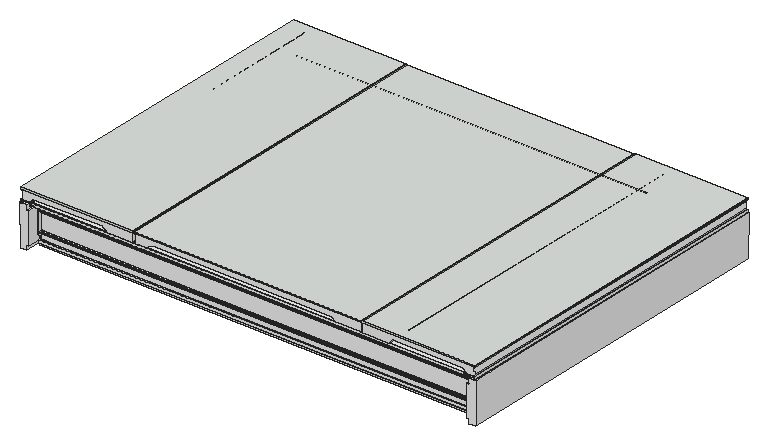
Revit family "Furniture-Medicine_Cabinet-KOHLER-Verdera-K-99011", category Specialty Equipment, host Face, Revit 2015
Parameters (values of type "Adjustable Flip-Out Flat Mirror, NA-Anodized Aluminum")
  Width = 40"  # constant formula
  WaterSense Certified = 1 = 0  # no
  URL = "https://www.us.kohler.com/us/"
  Type = 2
  Surface Panels [instance] = not(Recess Mount)  # yes
  Surface Mount [instance] = not(Recess Mount)  # yes
  Recess Mount [instance] = no
  Product Page URL = "http://www.us.kohler.com/us/catalog/productDetails.jsp?productNumber=99011-SCF"
  Product Name = "Verdera"  # constant formula
  Product Documentation Link = "https://www.us.kohler.com/webassets/kpna/catalog/pdf/en/K-99011-SCF_spec.pdf"
  Mounting Depth [instance] = if(Recess Mount, 3 9/16", 0")  # 0"
  Model = if(Type = 1, "K-99011-NA", if(Type = 2, "K-99011-SCF-NA", "NA"))  # "K-99011-SCF-NA"
  Material = "Anodized Aluminum"  # constant formula
  MasterFormat 2004 = "10.28.13"  # constant formula
  MasterFormat 1995 = "10820"  # constant formula
  Manufacturer Address = "444 Highland Dr, Kohler, WI 53044"  # constant formula
  Manufacturer = "KOHLER Co."  # constant formula
  Length = 4 3/4"  # constant formula
  Height = 30"  # constant formula
  Finish = Kohler-Metal-NA-Anodized_Aluminum
  Environmental Product Declaration = ""
  Description = if(Type = 1, "40 Inch W x 30 Inch H Aluminum medicine cabinet with adjustable magnifying mirror and slow-close door", if(Type = 2, "Aluminum medicine cabinet with adjustable flip-out flat mirror, 40 Inch W x 30 Inch H", "NA"))  # "Aluminum medicine cabinet with adjustable flip-out flat mirror, 40 Inch W x 30 Inch H"
  Default Elevation = 60"
  Declare Label = ""
  Date Modified = "03/05/2019"  # constant formula
  Date Created = "03/05/2019"  # constant formula
  Cutout Width [instance] = if(Recess Mount, 38 1/2", 1")  # 1"
  Cutout Height [instance] = if(Recess Mount, 28 1/4", 1")  # 1"
  Cutout Depth [instance] = if(Recess Mount, 3 11/16", 1")  # 1"
  Copyright = "Copyright KOHLER Co."  # constant formula
  Contact Us = "https://www.us.kohler.com/us/static/contact.jsp"
  Assembly Code = "C1030200"
  ADA Compliant = 1 = 0  # no
Types (3): name | Type | Product Page URL | Product Documentation Link | Model | Description
  (no name) | 2 | "http://www.us.kohler.com/us/catalog/productDetails.jsp?productNumber=99011-SCF" | "https://www.us.kohler.com/webassets/kpna/catalog/pdf/en/K-99011-SCF_spec.pdf" | "K-99011-SCF-NA" | "Aluminum medicine cabinet with adjustable flip-out flat mirror, 40 Inch W x 30 Inch H"
  Adjustable Magnifying Mirror, NA-Anodized Aluminum | 1 | "http://www.us.kohler.com/us/catalog/productDetails.jsp?productNumber=99011" | "https://www.us.kohler.com/webassets/kpna/catalog/pdf/en/K-99011_spec.pdf" | "K-99011-NA" | "40 Inch W x 30 Inch H Aluminum medicine cabinet with adjustable magnifying mirror and slow-close door"
  Adjustable Flip-Out Flat Mirror, NA-Anodized Aluminum | 2 | "http://www.us.kohler.com/us/catalog/productDetails.jsp?productNumber=99011-SCF" | "https://www.us.kohler.com/webassets/kpna/catalog/pdf/en/K-99011-SCF_spec.pdf" | "K-99011-SCF-NA" | "Aluminum medicine cabinet with adjustable flip-out flat mirror, 40 Inch W x 30 Inch H"
Reference planes (in)
  plane 1 "Center (Front/Back)": y = 0
  plane 2: z = 0
  plane 3 "Center (Left/Right)": x = 0
  plane 4: x = -20
  plane 5: y = 15
  plane 6: x = 20
  plane 7: y = -15
  plane 8: x = -0.5
  plane 9: x = 0.5
  plane 10: y = 0.5
  plane 11: y = -0.5
  plane 12: z = 4.75
  plane 13: z = 0
  plane 14: z = -1
  plane 15: x = -19.5655
  plane 16: x = 19.5655
  plane 17: z = 3.5625
  plane 18: x = -19.1875
  plane 19: x = 19.1875
Forms (in)
  Extrusion 1, void
    sketch origin (0, 0, 0) x (1, 0, 0) y (0, 1, 0)
      loop
        line (-0.5, 0.5) -> (-0.5, -0.5) -> (0.5, -0.5) -> (0.5, 0.5) -> (-0.5, 0.5)
    from -3.5625 to 0
Dimensions and locks (in)
  "Width": plane 4 to plane 6
  "Height": plane 7 to plane 5
  equal spacing: plane 8, plane 3 "Center (Left/Right)", plane 9
  "Cutout Width": plane 8 to plane 9
  equal spacing: plane 10, plane 1 "Center (Front/Back)", plane 11
  "Cutout Height": plane 10 to plane 11
  "Mounting Depth": plane 2 to plane 13
  "Cutout Depth": plane 2 to plane 14
  "Length": plane 13 to plane 12
  plane 12 to level = 4 3/4"
  locked: plane 17 to plane 13 at 3.5625
  plane 18 to plane 19 = 38 3/8"
  aligned and locked: plane 2 to host face
  aligned and locked: level to host face
  aligned and locked: nested 1 to plane 13
Automatic sketch dimensions
  host sketch curve to host sketch curve = 96"  (x2)
  Extrusion 1 sketch curve to plane 8 = 0"
  Extrusion 1 sketch curve to plane 9 = 0"
  plane 11 to Extrusion 1 sketch curve = 0"
  Extrusion 1 sketch curve to plane 10 = 0"
Nested families (in)
  nested 1: "K-99011" at (0, 0, 0), type "K-99011"
Definition of nested family "K-99011"
  Parameters (values of type "K-99011")
    Surface Installation = yes
    Recessed Installation = yes
    Material = none
  Reference planes (in)
    plane 1 "Center (Front/Back)": y = 0
    plane 2: z = 0
    plane 3 "Center (Left/Right)": x = 0
    plane 4: x = -20
    plane 5: y = 15
    plane 6: x = 20
    plane 7: y = -15
    plane 8: x = -10
    plane 9: x = 10
    plane 10: x = -19.1875
    plane 11: x = 19.1875
    plane 12: y = 14.0625
    plane 13: y = -14.0625
    plane 14: y = 8.5625
    plane 15: z = 4.75
    plane 16: z = 3.5625
    plane 17: z = 0
    plane 18: x = 19.25
    plane 19: x = -19.25
    plane 20: x = 19.25
  Forms (in)
    Extrusion 1, solid, detail levels medium+fine
      sketch origin (0, 0, 0) x (1, 0, 0) y (0, 0, 1)
        loop
          line (-10.11033, 4.75) -> (-19.97805, 4.75) -> (-20, 4.72805) -> (-20, 4.65195) -> (-19.97805, 4.63) -> (-10.11033, 4.63) -> (-10.08837, 4.65195) -> (-10.08837, 4.72805) -> (-10.11033, 4.75)
        loop
          line (9.9583, 4.75) -> (-9.99779, 4.75) -> (-10.01975, 4.72805) -> (-10.01975, 4.65195) -> (-9.99779, 4.63) -> (9.9583, 4.63) -> (9.98025, 4.65195) -> (9.98025, 4.72805) -> (9.9583, 4.75)
        loop
          line (19.97805, 4.75) -> (10.08612, 4.75) -> (10.06416, 4.72805) -> (10.06416, 4.65195) -> (10.08612, 4.63) -> (19.97805, 4.63) -> (20, 4.65195) -> (20, 4.72805) -> (19.97805, 4.75)
      from -15 to 15
    Extrusion 2, solid, material <- "Material", detail levels medium+fine
      sketch origin (0, 0, 0) x (1, 0, 0) y (0, 0, 1)
        loop
          arc (-19.88824, 4.63) -> (-19.9341, 4.59038) -> (-19.90156, 4.53925) r 0.04635
          line (-19.90156, 4.53925) -> (-19.84198, 4.52137)
          arc (-19.84198, 4.52137) -> (-19.81024, 4.49764) -> (-19.80127, 4.45903) r 0.05774
          line (-19.80127, 4.45903) -> (-19.86917, 3.90601)
          arc (-19.86917, 3.90601) -> (-19.8505, 3.84586) -> (-19.79308, 3.82) r 0.07666
          line (-19.79308, 3.82) -> (-19.24313, 3.82)
          arc (-19.24313, 3.82) -> (-19.18849, 3.83238) -> (-19.14451, 3.86709) r 0.12679
          line (-19.14451, 3.86709) -> (-18.95828, 4.09753)
          arc (-18.95828, 4.09753) -> (-18.89878, 4.1445) -> (-18.82485, 4.16125) r 0.17156
          line (-18.82485, 4.16125) -> (-12.79513, 4.16125)
          arc (-12.79513, 4.16125) -> (-12.73091, 4.14848) -> (-12.67646, 4.1121) r 0.16783
          line (-12.67646, 4.1121) -> (-12.46515, 3.90079)
          arc (-12.46515, 3.90079) -> (-12.37567, 3.841) -> (-12.27011, 3.82) r 0.27583
          line (-12.27011, 3.82) -> (-10.17162, 3.82)
          arc (-10.17162, 3.82) -> (-10.13397, 3.8356) -> (-10.11837, 3.87325) r 0.05325
          line (-10.11837, 3.87325) -> (-10.11837, 4.60781)
          arc (-10.11837, 4.60781) -> (-10.12487, 4.6235) -> (-10.14056, 4.63) r 0.02219
          line (-10.14056, 4.63) -> (-19.88824, 4.63)
        loop
          arc (-9.94399, 4.63) -> (-9.98994, 4.5903) -> (-9.95734, 4.53907) r 0.04644
          line (-9.95734, 4.53907) -> (-9.89988, 4.52183)
          arc (-9.89988, 4.52183) -> (-9.8676, 4.49789) -> (-9.85807, 4.45884) r 0.05915
          line (-9.85807, 4.45884) -> (-9.91325, 3.94657)
          arc (-9.91325, 3.94657) -> (-9.88464, 3.85794) -> (-9.79958, 3.82) r 0.11433
          line (-9.79958, 3.82) -> (-9.13771, 3.82)
          arc (-9.13771, 3.82) -> (-9.00212, 3.84208) -> (-8.88055, 3.90604) r 0.42731
          line (-8.88055, 3.90604) -> (-8.61991, 4.10245)
          arc (-8.61991, 4.10245) -> (-8.53683, 4.14616) -> (-8.44417, 4.16125) r 0.29201
          line (-8.44417, 4.16125) -> (7.17228, 4.16125)
          arc (7.17228, 4.16125) -> (7.33052, 4.12977) -> (7.46467, 4.04014) r 0.41349
          line (7.46467, 4.04014) -> (7.62579, 3.87901)
          arc (7.62579, 3.87901) -> (7.69055, 3.83574) -> (7.76694, 3.82055) r 0.19961
          line (7.76694, 3.82055) -> (9.86432, 3.82055)
          arc (9.86432, 3.82055) -> (9.92508, 3.84572) -> (9.95025, 3.90648) r 0.08594
          line (9.95025, 3.90648) -> (9.95025, 4.60643)
          arc (9.95025, 4.60643) -> (9.94335, 4.6231) -> (9.92668, 4.63) r 0.02357
          line (9.92668, 4.63) -> (-9.94399, 4.63)
        loop
          line (19.88186, 4.63) -> (10.09539, 4.63)
          arc (10.09539, 4.63) -> (10.0785, 4.623) -> (10.0715, 4.6061) r 0.0239
          line (10.0715, 4.6061) -> (10.0715, 3.90454)
          arc (10.0715, 3.90454) -> (10.09626, 3.84476) -> (10.15603, 3.82) r 0.08454
          line (10.15603, 3.82) -> (12.29046, 3.82)
          arc (12.29046, 3.82) -> (12.37722, 3.83726) -> (12.45077, 3.8864) r 0.22671
          line (12.45077, 3.8864) -> (12.72562, 4.16125) -> (18.82912, 4.16125)
          arc (18.82912, 4.16125) -> (18.8992, 4.14537) -> (18.9556, 4.10085) r 0.16263
          line (18.9556, 4.10085) -> (19.14451, 3.86709)
          arc (19.14451, 3.86709) -> (19.18849, 3.83238) -> (19.24313, 3.82) r 0.12679
          line (19.24313, 3.82) -> (19.79308, 3.82)
          arc (19.79308, 3.82) -> (19.8505, 3.84586) -> (19.86917, 3.90601) r 0.07666
          line (19.86917, 3.90601) -> (19.80127, 4.45903)
          arc (19.80127, 4.45903) -> (19.81024, 4.49764) -> (19.84198, 4.52137) r 0.05774
          line (19.84198, 4.52137) -> (19.89545, 4.53742)
          arc (19.89545, 4.53742) -> (19.92865, 4.58958) -> (19.88186, 4.63) r 0.04729
      from -14.9375 to 14.9375
    Extrusion 3, solid, material <- "Material", detail levels medium+fine
      sketch origin (0, 0, 0) x (1, 0, 0) y (0, 0, 1)
        loop
          line (-19.14078, 3.82) -> (-19.91752, 3.82)
          arc (-19.91752, 3.82) -> (-19.93165, 3.81415) -> (-19.9375, 3.80002) r 0.01998
          line (-19.9375, 3.80002) -> (-19.9375, 3.58215)
          arc (-19.9375, 3.58215) -> (-19.93175, 3.56825) -> (-19.91785, 3.5625) r 0.01965
          line (-19.91785, 3.5625) -> (-19.85325, 3.5625)
          arc (-19.85325, 3.5625) -> (-19.83858, 3.56858) -> (-19.8325, 3.58325) r 0.02075
          line (-19.8325, 3.58325) -> (-19.8325, 3.62943) -> (-19.8705, 3.62943) -> (-19.8705, 3.73298)
          arc (-19.8705, 3.73298) -> (-19.86464, 3.74714) -> (-19.85048, 3.753) r 0.02002
          line (-19.85048, 3.753) -> (-19.2074, 3.753)
          arc (-19.2074, 3.753) -> (-19.19333, 3.74717) -> (-19.1875, 3.7331) r 0.0199
          line (-19.1875, 3.7331) -> (-19.1875, 0.25502) -> (-19.22958, 0.25502)
          arc (-19.22958, 0.25502) -> (-19.24402, 0.24904) -> (-19.25, 0.23459) r 0.02042
          line (-19.25, 0.23459) -> (-19.25, 0) -> (-19.2192, 0) -> (-19.2192, 0.18802) -> (-19.1875, 0.18802) -> (-19.1875, 0) -> (-19.1205, 0) -> (-19.1205, 3.79972)
          arc (-19.1205, 3.79972) -> (-19.12644, 3.81406) -> (-19.14078, 3.82) r 0.02028
        loop
          arc (19.14078, 3.82) -> (19.12644, 3.81406) -> (19.1205, 3.79972) r 0.02028
          line (19.1205, 3.79972) -> (19.1205, 0) -> (19.1875, 0) -> (19.1875, 0.18802) -> (19.2192, 0.18802) -> (19.2192, 0) -> (19.25, 0) -> (19.25, 0.23459)
          arc (19.25, 0.23459) -> (19.24402, 0.24904) -> (19.22958, 0.25502) r 0.02042
          line (19.22958, 0.25502) -> (19.1875, 0.25502) -> (19.1875, 3.7331)
          arc (19.1875, 3.7331) -> (19.19333, 3.74717) -> (19.2074, 3.753) r 0.0199
          line (19.2074, 3.753) -> (19.85048, 3.753)
          arc (19.85048, 3.753) -> (19.86464, 3.74714) -> (19.8705, 3.73298) r 0.02002
          line (19.8705, 3.73298) -> (19.8705, 3.62943) -> (19.8325, 3.62943) -> (19.8325, 3.58325)
          arc (19.8325, 3.58325) -> (19.83858, 3.56858) -> (19.85325, 3.5625) r 0.02075
          line (19.85325, 3.5625) -> (19.91785, 3.5625)
          arc (19.91785, 3.5625) -> (19.93175, 3.56825) -> (19.9375, 3.58215) r 0.01965
          line (19.9375, 3.58215) -> (19.9375, 3.80002)
          arc (19.9375, 3.80002) -> (19.93165, 3.81415) -> (19.91752, 3.82) r 0.01998
          line (19.91752, 3.82) -> (19.14078, 3.82)
      from -15 to 15
    Extrusion 4, void
      sketch origin (0, 0, 0) x (0, -1, 0) y (0, 0, -1)
        loop
          line (14.0625, -3.5625) -> (15.15207, -3.5625) -> (15.15207, 0) -> (13.8445, 0) -> (13.8445, -0.72043)
          arc (13.8445, -0.72043) -> (13.86099, -0.7649) -> (13.90248, -0.78786) r 0.0682
          arc (13.90248, -0.78786) -> (14.01699, -0.85124) -> (14.0625, -0.97395) r 0.18821
          line (14.0625, -0.97395) -> (14.0625, -3.5625)
      from -21.07046 to 21.55171
    Extrusion 5, void
      sketch origin (0, 0, 0) x (0, 1, 0) y (0, 0, 1)
        loop
          line (14.0625, 3.5625) -> (14.0625, 0.97395)
          arc (14.0625, 0.97395) -> (14.01699, 0.85124) -> (13.90248, 0.78786) r 0.18821
          arc (13.90248, 0.78786) -> (13.86099, 0.7649) -> (13.8445, 0.72043) r 0.0682
          line (13.8445, 0.72043) -> (13.8445, 0) -> (15.15207, 0) -> (15.15207, 3.5625) -> (14.0625, 3.5625)
      from -21.07046 to 21.55171
    Extrusion 6, solid, material <- "Material", detail levels medium+fine
      sketch origin (0, 0, 0) x (0, 1, 0) y (0, 0, 1)
        loop
          line (-13.9215, 0.19554) -> (-13.9215, 0) -> (-13.8445, 0) -> (-13.8445, 0.16807)
          arc (-13.8445, 0.16807) -> (-13.83866, 0.18218) -> (-13.82455, 0.18802) r 0.01995
          line (-13.82455, 0.18802) -> (-13.53975, 0.18802)
          arc (-13.53975, 0.18802) -> (-13.52582, 0.18212) -> (-13.52035, 0.16802) r 0.01942
          line (-13.52035, 0.16802) -> (-13.48061, 0.16802)
          arc (-13.48061, 0.16802) -> (-13.46618, 0.17389) -> (-13.45995, 0.18818) r 0.02066
          arc (-13.45995, 0.18818) -> (-13.47647, 0.23389) -> (-13.51955, 0.25641) r 0.06699
          arc (-13.51955, 0.25641) -> (-13.67862, 0.33829) -> (-13.7425, 0.5054) r 0.25052
          line (-13.7425, 0.5054) -> (-13.7425, 3.7964)
          arc (-13.7425, 3.7964) -> (-13.74941, 3.81309) -> (-13.7661, 3.82) r 0.0236
          line (-13.7661, 3.82) -> (-14.91768, 3.82)
          arc (-14.91768, 3.82) -> (-14.9317, 3.81419) -> (-14.9375, 3.80018) r 0.01982
          line (-14.9375, 3.80018) -> (-14.9375, 3.58311)
          arc (-14.9375, 3.58311) -> (-14.93146, 3.56854) -> (-14.91689, 3.5625) r 0.02061
          line (-14.91689, 3.5625) -> (-14.8533, 3.5625)
          arc (-14.8533, 3.5625) -> (-14.83859, 3.56859) -> (-14.8325, 3.5833) r 0.0208
          line (-14.8325, 3.5833) -> (-14.8325, 3.6495) -> (-14.8705, 3.6495) -> (-14.8705, 3.73285)
          arc (-14.8705, 3.73285) -> (-14.8646, 3.7471) -> (-14.85035, 3.753) r 0.02015
          line (-14.85035, 3.753) -> (-13.83038, 3.753)
          arc (-13.83038, 3.753) -> (-13.81562, 3.74688) -> (-13.8095, 3.73212) r 0.02088
          line (-13.8095, 3.73212) -> (-13.8095, 2.88434)
          arc (-13.8095, 2.88434) -> (-13.81684, 2.87072) -> (-13.83225, 2.86934) r 0.01632
          arc (-13.83225, 2.86934) -> (-13.88384, 2.87741) -> (-13.933, 2.8598) r 0.10571
          line (-13.933, 2.8598) -> (-14.03125, 2.8598)
          arc (-14.03125, 2.8598) -> (-14.06475, 2.8263) -> (-14.03125, 2.7928) r 0.0335
          line (-14.03125, 2.7928) -> (-13.91743, 2.7928)
          arc (-13.91743, 2.7928) -> (-13.81052, 2.76799) -> (-13.90123, 2.70621) r 0.05991
          arc (-13.90123, 2.70621) -> (-13.94042, 2.69854) -> (-13.93529, 2.65894) r 0.02919
          arc (-13.93529, 2.65894) -> (-13.88542, 2.63667) -> (-13.83118, 2.64305) r 0.10289
          arc (-13.83118, 2.64305) -> (-13.81646, 2.64152) -> (-13.8095, 2.62846) r 0.01575
          line (-13.8095, 2.62846) -> (-13.8095, 1.19257)
          arc (-13.8095, 1.19257) -> (-13.81645, 1.17899) -> (-13.83154, 1.1767) r 0.01674
          arc (-13.83154, 1.1767) -> (-13.88518, 1.1817) -> (-13.9355, 1.16243) r 0.11853
          line (-13.9355, 1.16243) -> (-14.03123, 1.16243)
          arc (-14.03123, 1.16243) -> (-14.06473, 1.12893) -> (-14.03123, 1.09543) r 0.0335
          line (-14.03123, 1.09543) -> (-13.91968, 1.09543)
          arc (-13.91968, 1.09543) -> (-13.81077, 1.07268) -> (-13.90146, 1.00823) r 0.06071
          arc (-13.90146, 1.00823) -> (-13.93996, 0.9999) -> (-13.93407, 0.96095) r 0.02877
          arc (-13.93407, 0.96095) -> (-13.88499, 0.9403) -> (-13.83226, 0.94765) r 0.10037
          arc (-13.83226, 0.94765) -> (-13.81684, 0.9463) -> (-13.8095, 0.93268) r 0.0163
          line (-13.8095, 0.93268) -> (-13.8095, 0.45317)
          arc (-13.8095, 0.45317) -> (-13.8154, 0.43892) -> (-13.82966, 0.43302) r 0.02016
          line (-13.82966, 0.43302) -> (-13.97742, 0.43302)
          arc (-13.97742, 0.43302) -> (-13.99162, 0.4389) -> (-13.9975, 0.4531) r 0.02008
          line (-13.9975, 0.4531) -> (-13.9975, 0.52052) -> (-14.0645, 0.52052) -> (-14.0645, 0.27852) -> (-13.9975, 0.27852) -> (-13.9975, 0.34589)
          arc (-13.9975, 0.34589) -> (-13.99161, 0.36012) -> (-13.97737, 0.36602) r 0.02013
          line (-13.97737, 0.36602) -> (-13.7952, 0.36602)
          arc (-13.7952, 0.36602) -> (-13.77988, 0.36175) -> (-13.76897, 0.35018) r 0.02964
          arc (-13.76897, 0.35018) -> (-13.74559, 0.31329) -> (-13.7166, 0.28061) r 0.27213
          arc (-13.7166, 0.28061) -> (-13.71311, 0.26434) -> (-13.7269, 0.25502) r 0.01486
          line (-13.7269, 0.25502) -> (-13.86202, 0.25502)
          arc (-13.86202, 0.25502) -> (-13.90408, 0.2376) -> (-13.9215, 0.19554) r 0.05948
      from -19.1205 to 19.1205
    Extrusion 7, solid, material <- "Material", detail levels medium+fine
      sketch origin (0, 0, 0) x (1, 0, 0) y (0, 1, 0)
        loop
          line (19.1875, -13.8445) -> (19.1875, 13.8445) -> (-19.1875, 13.8445) -> (-19.1875, -13.8445) -> (19.1875, -13.8445)
      from 0 to 0.25502
    Extrusion 8, solid, material <- "Material", detail levels medium+fine
      sketch origin (0, 0, 0) x (0, -1, 0) y (0, 0, -1)
        loop
          arc (-13.9215, -0.19554) -> (-13.90408, -0.2376) -> (-13.86202, -0.25502) r 0.05948
          line (-13.86202, -0.25502) -> (-13.7269, -0.25502)
          arc (-13.7269, -0.25502) -> (-13.71311, -0.26434) -> (-13.7166, -0.28061) r 0.01486
          arc (-13.7166, -0.28061) -> (-13.74559, -0.31329) -> (-13.76897, -0.35018) r 0.27213
          arc (-13.76897, -0.35018) -> (-13.77988, -0.36175) -> (-13.7952, -0.36602) r 0.02964
          line (-13.7952, -0.36602) -> (-13.97737, -0.36602)
          arc (-13.97737, -0.36602) -> (-13.99161, -0.36012) -> (-13.9975, -0.34589) r 0.02013
          line (-13.9975, -0.34589) -> (-13.9975, -0.27852) -> (-14.0645, -0.27852) -> (-14.0645, -0.52052) -> (-13.9975, -0.52052) -> (-13.9975, -0.4531)
          arc (-13.9975, -0.4531) -> (-13.99162, -0.4389) -> (-13.97742, -0.43302) r 0.02008
          line (-13.97742, -0.43302) -> (-13.82966, -0.43302)
          arc (-13.82966, -0.43302) -> (-13.8154, -0.43892) -> (-13.8095, -0.45317) r 0.02016
          line (-13.8095, -0.45317) -> (-13.8095, -0.93268)
          arc (-13.8095, -0.93268) -> (-13.81684, -0.9463) -> (-13.83226, -0.94765) r 0.0163
          arc (-13.83226, -0.94765) -> (-13.88499, -0.9403) -> (-13.93407, -0.96095) r 0.10037
          arc (-13.93407, -0.96095) -> (-13.93996, -0.9999) -> (-13.90146, -1.00823) r 0.02877
          arc (-13.90146, -1.00823) -> (-13.81077, -1.07268) -> (-13.91968, -1.09543) r 0.06071
          line (-13.91968, -1.09543) -> (-14.03123, -1.09543)
          arc (-14.03123, -1.09543) -> (-14.06473, -1.12893) -> (-14.03123, -1.16243) r 0.0335
          line (-14.03123, -1.16243) -> (-13.9355, -1.16243)
          arc (-13.9355, -1.16243) -> (-13.88518, -1.1817) -> (-13.83154, -1.1767) r 0.11853
          arc (-13.83154, -1.1767) -> (-13.81645, -1.17899) -> (-13.8095, -1.19257) r 0.01674
          line (-13.8095, -1.19257) -> (-13.8095, -2.62846)
          arc (-13.8095, -2.62846) -> (-13.81646, -2.64152) -> (-13.83118, -2.64305) r 0.01575
          arc (-13.83118, -2.64305) -> (-13.88542, -2.63667) -> (-13.93529, -2.65894) r 0.10289
          arc (-13.93529, -2.65894) -> (-13.94042, -2.69854) -> (-13.90123, -2.70621) r 0.02919
          arc (-13.90123, -2.70621) -> (-13.81052, -2.76799) -> (-13.91743, -2.7928) r 0.05991
          line (-13.91743, -2.7928) -> (-14.03125, -2.7928)
          arc (-14.03125, -2.7928) -> (-14.06475, -2.8263) -> (-14.03125, -2.8598) r 0.0335
          line (-14.03125, -2.8598) -> (-13.933, -2.8598)
          arc (-13.933, -2.8598) -> (-13.88384, -2.87741) -> (-13.83225, -2.86934) r 0.10571
          arc (-13.83225, -2.86934) -> (-13.81684, -2.87072) -> (-13.8095, -2.88434) r 0.01632
          line (-13.8095, -2.88434) -> (-13.8095, -3.73212)
          arc (-13.8095, -3.73212) -> (-13.81562, -3.74688) -> (-13.83038, -3.753) r 0.02088
          line (-13.83038, -3.753) -> (-14.85035, -3.753)
          arc (-14.85035, -3.753) -> (-14.8646, -3.7471) -> (-14.8705, -3.73285) r 0.02015
          line (-14.8705, -3.73285) -> (-14.8705, -3.61901) -> (-14.8325, -3.61901) -> (-14.8325, -3.58581)
          arc (-14.8325, -3.58581) -> (-14.83933, -3.56933) -> (-14.85582, -3.5625) r 0.02331
          line (-14.85582, -3.5625) -> (-14.91689, -3.5625)
          arc (-14.91689, -3.5625) -> (-14.93146, -3.56854) -> (-14.9375, -3.58311) r 0.02061
          line (-14.9375, -3.58311) -> (-14.9375, -3.80018)
          arc (-14.9375, -3.80018) -> (-14.9317, -3.81419) -> (-14.91768, -3.82) r 0.01982
          line (-14.91768, -3.82) -> (-13.7661, -3.82)
          arc (-13.7661, -3.82) -> (-13.74941, -3.81309) -> (-13.7425, -3.7964) r 0.0236
          line (-13.7425, -3.7964) -> (-13.7425, -0.5054)
          arc (-13.7425, -0.5054) -> (-13.67862, -0.33829) -> (-13.51955, -0.25641) r 0.25052
          arc (-13.51955, -0.25641) -> (-13.47647, -0.23389) -> (-13.45995, -0.18818) r 0.06699
          arc (-13.45995, -0.18818) -> (-13.46618, -0.17389) -> (-13.48061, -0.16802) r 0.02066
          line (-13.48061, -0.16802) -> (-13.52035, -0.16802)
          arc (-13.52035, -0.16802) -> (-13.52582, -0.18212) -> (-13.53975, -0.18802) r 0.01942
          line (-13.53975, -0.18802) -> (-13.82455, -0.18802)
          arc (-13.82455, -0.18802) -> (-13.83866, -0.18218) -> (-13.8445, -0.16807) r 0.01995
          line (-13.8445, -0.16807) -> (-13.8445, 0) -> (-13.9215, 0) -> (-13.9215, -0.19554)
      from -19.1205 to 19.1205
    Extrusion 9, solid, material <- "Material", visible <- "Surface Installation", detail levels medium+fine
      sketch origin (0, 0, 0) x (1, 0, 0) y (0, 0, 1)
        loop
          line (-19.45917, 3.5625) -> (-20, 3.5625) -> (-20, 0) -> (-19.45917, 0) -> (-19.45917, 0.36602) -> (-19.29525, 0.36602) -> (-19.29525, 3.1434) -> (-19.45917, 3.1434) -> (-19.45917, 3.5625)
        loop
          line (19.45917, 3.5625) -> (19.45917, 3.1434) -> (19.29525, 3.1434) -> (19.29525, 0.36602) -> (19.45917, 0.36602) -> (19.45917, 0) -> (20, 0) -> (20, 3.5625) -> (19.45917, 3.5625)
      from -15 to 15
    Extrusion 10, solid, material <- "Material", detail levels coarse
      sketch origin (0, 0, 0) x (1, 0, 0) y (0, 1, 0)
        loop
          line (-20, 15) -> (-20, -15) -> (20, -15) -> (20, 15) -> (-20, 15)
      from 3.5625 to 4.63
    Extrusion 11, solid, detail levels coarse
      sketch origin (0, 0, 0) x (1, 0, 0) y (0, 1, 0)
        loop
          line (-20, 15) -> (-20, -15) -> (20, -15) -> (20, 15) -> (-20, 15)
      from 4.63 to 4.75
    Extrusion 12, solid, material <- "Material", detail levels coarse
      sketch origin (0, 0, 0) x (1, 0, 0) y (0, 1, 0)
        loop
          line (-19.25, 14.0625) -> (-19.25, -14.0625) -> (19.25, -14.0625) -> (19.25, 14.0625) -> (-19.25, 14.0625)
      from 0 to 3.5625
  Cuts and joins
    Extrusion 4, Extrusion 5 cuts Extrusion 3
    joined: Extrusion 2, Extrusion 3, Extrusion 7
    joined: Extrusion 10, Extrusion 12
  Lines and regions (in)
    Masking region 1
      outline origin (0, 0, 0) x (1, 0, 0) y (0, 1, 0)
        loop
          line (-20, 15) -> (-20, -15) -> (20, -15) -> (20, 15) -> (-20, 15)
    Masking region 2
      outline origin (0, 0, 0) x (1, 0, 0) y (0, 0, 1)
        loop
          line (-19.97805, 4.75) -> (-20, 4.72805) -> (-20, 4.65195) -> (-19.97805, 4.63) -> (-19.88824, 4.63)
          arc (-19.88824, 4.63) -> (-19.9341, 4.59038) -> (-19.90156, 4.53925) r 0.04635
          line (-19.90156, 4.53925) -> (-19.84198, 4.52137)
          arc (-19.84198, 4.52137) -> (-19.81024, 4.49764) -> (-19.80127, 4.45903) r 0.05774
          line (-19.80127, 4.45903) -> (-19.86917, 3.90601)
          arc (-19.86917, 3.90601) -> (-19.8505, 3.84586) -> (-19.79308, 3.82) r 0.07666
          line (-19.79308, 3.82) -> (-19.91752, 3.82)
          arc (-19.91752, 3.82) -> (-19.93165, 3.81415) -> (-19.9375, 3.80002) r 0.01998
          line (-19.9375, 3.80002) -> (-19.9375, 3.58215)
          arc (-19.9375, 3.58215) -> (-19.93175, 3.56825) -> (-19.91785, 3.5625) r 0.01965
          line (-19.91785, 3.5625) -> (-19.85325, 3.5625)
          arc (-19.85325, 3.5625) -> (-19.83858, 3.56858) -> (-19.8325, 3.58325) r 0.02075
          line (-19.8325, 3.58325) -> (-19.8325, 3.62943) -> (-19.8705, 3.62943) -> (-19.8705, 3.73298)
          arc (-19.8705, 3.73298) -> (-19.86464, 3.74714) -> (-19.85048, 3.753) r 0.02002
          line (-19.85048, 3.753) -> (-19.2074, 3.753)
          arc (-19.2074, 3.753) -> (-19.19333, 3.74717) -> (-19.1875, 3.7331) r 0.0199
          line (-19.1875, 3.7331) -> (-19.1875, 0.25502) -> (-19.22958, 0.25502)
          arc (-19.22958, 0.25502) -> (-19.24402, 0.24904) -> (-19.25, 0.23459) r 0.02042
          line (-19.25, 0.23459) -> (-19.25, 0) -> (-19.2192, 0) -> (-19.2192, 0.18802) -> (-19.1875, 0.18802) -> (-19.1875, 0) -> (19.1875, 0) -> (19.1875, 0.18802) -> (19.2192, 0.18802) -> (19.2192, 0) -> (19.25, 0) -> (19.25, 0.23459)
          arc (19.25, 0.23459) -> (19.24402, 0.24904) -> (19.22958, 0.25502) r 0.02042
          line (19.22958, 0.25502) -> (19.1875, 0.25502) -> (19.1875, 3.7331)
          arc (19.1875, 3.7331) -> (19.19333, 3.74717) -> (19.2074, 3.753) r 0.0199
          line (19.2074, 3.753) -> (19.85048, 3.753)
          arc (19.85048, 3.753) -> (19.86464, 3.74714) -> (19.8705, 3.73298) r 0.02002
          line (19.8705, 3.73298) -> (19.8705, 3.62943) -> (19.8325, 3.62943) -> (19.8325, 3.58325)
          arc (19.8325, 3.58325) -> (19.83858, 3.56858) -> (19.85325, 3.5625) r 0.02075
          line (19.85325, 3.5625) -> (19.91785, 3.5625)
          arc (19.91785, 3.5625) -> (19.93175, 3.56825) -> (19.9375, 3.58215) r 0.01965
          line (19.9375, 3.58215) -> (19.9375, 3.80002)
          arc (19.9375, 3.80002) -> (19.93165, 3.81415) -> (19.91752, 3.82) r 0.01998
          line (19.91752, 3.82) -> (19.79308, 3.82)
          arc (19.79308, 3.82) -> (19.8505, 3.84586) -> (19.86917, 3.90601) r 0.07666
          line (19.86917, 3.90601) -> (19.80127, 4.45903)
          arc (19.80127, 4.45903) -> (19.81024, 4.49764) -> (19.84198, 4.52137) r 0.05774
          line (19.84198, 4.52137) -> (19.90156, 4.53925)
          arc (19.90156, 4.53925) -> (19.9341, 4.59038) -> (19.88824, 4.63) r 0.04635
          line (19.88824, 4.63) -> (19.97805, 4.63) -> (20, 4.65195) -> (20, 4.72805) -> (19.97805, 4.75) -> (-19.97805, 4.75)
    Masking region 3, visible <- "Surface Installation"
      outline origin (0, 0, 0) x (1, 0, 0) y (0, 0, 1)
        loop
          line (-20, 3.5625) -> (-20, 0) -> (-19.45917, 0) -> (-19.45917, 0.36602) -> (-19.29525, 0.36602) -> (-19.29525, 3.1434) -> (-19.45917, 3.1434) -> (-19.45917, 3.5625) -> (-20, 3.5625)
        loop
          line (20, 3.5625) -> (19.45917, 3.5625) -> (19.45917, 3.1434) -> (19.29525, 3.1434) -> (19.29525, 0.36602) -> (19.45917, 0.36602) -> (19.45917, 0) -> (20, 0) -> (20, 3.5625)
    Masking region 4, visible <- "Recessed Installation"
      outline origin (0, 0, 0) x (0, 1, 0) y (0, 0, 1)
        loop
          line (15, 4.63) -> (15, 4.75) -> (-15, 4.75) -> (-15, 4.63) -> (-14.9375, 4.63) -> (-14.9375, 3.82) -> (-14.9375, 3.69203) -> (-15, 3.69203) -> (-15, 3.5625) -> (-14.0625, 3.5625) -> (-14.0625, 0.97395)
          arc (-14.0625, 0.97395) -> (-14.01699, 0.85124) -> (-13.90248, 0.78786) r 0.18821
          arc (-13.90248, 0.78786) -> (-13.86099, 0.7649) -> (-13.8445, 0.72043) r 0.0682
          line (-13.8445, 0.72043) -> (-13.8445, 0.43302) -> (-13.97742, 0.43302)
          arc (-13.97742, 0.43302) -> (-13.99162, 0.4389) -> (-13.9975, 0.4531) r 0.02008
          line (-13.9975, 0.4531) -> (-13.9975, 0.52052) -> (-14.0625, 0.52052) -> (-14.0625, 0.27852) -> (-13.9975, 0.27852) -> (-13.9975, 0.34589)
          arc (-13.9975, 0.34589) -> (-13.99161, 0.36012) -> (-13.97737, 0.36602) r 0.02013
          line (-13.97737, 0.36602) -> (-13.8445, 0.36602) -> (-13.8445, 0.25238)
          arc (-13.8445, 0.25238) -> (-13.89735, 0.24339) -> (-13.9215, 0.19554) r 0.05948
          line (-13.9215, 0.19554) -> (-13.9215, 0) -> (13.9215, 0) -> (13.9215, 0.19554)
          arc (13.9215, 0.19554) -> (13.89735, 0.24339) -> (13.8445, 0.25238) r 0.05948
          line (13.8445, 0.25238) -> (13.8445, 0.36602) -> (13.97737, 0.36602)
          arc (13.97737, 0.36602) -> (13.99161, 0.36012) -> (13.9975, 0.34589) r 0.02013
          line (13.9975, 0.34589) -> (13.9975, 0.27852) -> (14.0625, 0.27852) -> (14.0625, 0.52052) -> (13.9975, 0.52052) -> (13.9975, 0.4531)
          arc (13.9975, 0.4531) -> (13.99162, 0.4389) -> (13.97742, 0.43302) r 0.02008
          line (13.97742, 0.43302) -> (13.8445, 0.43302) -> (13.8445, 0.72043)
          arc (13.8445, 0.72043) -> (13.86099, 0.7649) -> (13.90248, 0.78786) r 0.0682
          arc (13.90248, 0.78786) -> (14.01699, 0.85124) -> (14.0625, 0.97395) r 0.18821
          line (14.0625, 0.97395) -> (14.0625, 3.5625) -> (15, 3.5625) -> (15, 3.69203) -> (14.9375, 3.69203) -> (14.9375, 4.63) -> (15, 4.63)
    Masking region 5, visible <- "Surface Installation"
      outline origin (0, 0, 0) x (0, 1, 0) y (0, 0, 1)
        loop
          line (15, 4.75) -> (-15, 4.75) -> (-15, 4.63) -> (-14.9375, 4.63) -> (-14.9375, 3.69203) -> (-15, 3.69203) -> (-15, 0) -> (15, 0) -> (15, 3.69203) -> (14.9375, 3.69203) -> (14.9375, 4.63) -> (15, 4.63) -> (15, 4.75)
    symbolic lines, detail levels medium+fine
      curve 1: line (-10, 15, 0) -> (-10, -15, 0)
      curve 2: line (10, 15, 0) -> (10, -15, 0)
      curve 3: line (-19.88824, 0, 4.63) -> (-10.11033, 0, 4.63)
      curve 4: line (-10.11033, 0, 4.63) -> (-10.08837, 0, 4.65195)
      curve 5: line (-10.08837, 0, 4.65195) -> (-10.08837, 0, 4.72805)
      curve 6: line (-10.08837, 0, 4.72805) -> (-10.11033, 0, 4.75)
      curve 7: line (-9.99779, 0, 4.75) -> (-10.01975, 0, 4.72805)
      curve 8: line (-10.01975, 0, 4.72805) -> (-10.01975, 0, 4.65195)
      curve 9: line (-10.01975, 0, 4.65195) -> (-9.99779, 0, 4.63)
      curve 10: line (-9.99779, 0, 4.63) -> (9.9583, 0, 4.63)
      curve 11: line (9.9583, 0, 4.63) -> (9.98025, 0, 4.65195)
      curve 12: line (9.98025, 0, 4.65195) -> (9.98025, 0, 4.72805)
      curve 13: line (9.98025, 0, 4.72805) -> (9.9583, 0, 4.75)
      curve 14: line (10.08612, 0, 4.75) -> (10.06416, 0, 4.72805)
      curve 15: line (10.06416, 0, 4.72805) -> (10.06416, 0, 4.65195)
      curve 16: line (10.06416, 0, 4.65195) -> (10.08612, 0, 4.63)
      curve 17: line (10.08612, 0, 4.63) -> (19.88824, 0, 4.63)
      curve 18: line (18.69698, 0, 4.10085) -> (18.88173, 0, 3.87225)
      curve 19: arc (18.5705, 0, 4.16125) -> (18.64058, 0, 4.14537) -> (18.69698, 0, 4.10085) r 0.16263
      curve 20: line (12.90225, 0, 4.16125) -> (18.5705, 0, 4.16125)
      curve 21: line (12.61353, 0, 3.87253) -> (12.90225, 0, 4.16125)
      curve 22: line (10.0715, 0, 4.6061) -> (10.0715, 0, 3.90899)
      curve 23: arc (10.09539, 0, 4.63) -> (10.0785, 0, 4.623) -> (10.0715, 0, 4.6061) r 0.0239
      curve 24: arc (9.95025, 0, 4.60643) -> (9.94335, 0, 4.6231) -> (9.92668, 0, 4.63) r 0.02357
      curve 25: line (9.95025, 0, 3.8936) -> (9.95025, 0, 4.60643)
      curve 26: line (7.28748, 0, 4.04014) -> (7.46426, 0, 3.86336)
      curve 27: arc (6.9951, 0, 4.16125) -> (7.15333, 0, 4.12977) -> (7.28748, 0, 4.04014) r 0.41349
      curve 28: line (-8.01952, 0, 4.16125) -> (6.9951, 0, 4.16125)
      curve 29: arc (-8.19526, 0, 4.10245) -> (-8.11218, 0, 4.14616) -> (-8.01952, 0, 4.16125) r 0.29201
      curve 30: line (-8.39969, 0, 3.89801) -> (-8.19526, 0, 4.10245)
      curve 31: line (-9.82469, 0, 4.44882) -> (-9.88023, 0, 3.93316)
      curve 32: arc (-9.86649, 0, 4.51181) -> (-9.83421, 0, 4.48786) -> (-9.82469, 0, 4.44882) r 0.05915
      curve 33: line (-9.95734, 0, 4.53907) -> (-9.86649, 0, 4.51181)
      curve 34: arc (-9.94399, 0, 4.63) -> (-9.98994, 0, 4.5903) -> (-9.95734, 0, 4.53907) r 0.04644
      curve 35: arc (-10.11837, 0, 4.60781) -> (-10.12487, 0, 4.6235) -> (-10.14056, 0, 4.63) r 0.02219
      curve 36: line (-10.11837, 0, 3.90206) -> (-10.11837, 0, 4.60781)
      curve 37: line (-12.8531, 0, 4.1121) -> (-12.6241, 0, 3.88309)
      curve 38: arc (-12.97177, 0, 4.16125) -> (-12.90755, 0, 4.14848) -> (-12.8531, 0, 4.1121) r 0.16783
      curve 39: line (-18.56623, 0, 4.16125) -> (-12.97177, 0, 4.16125)
      curve 40: arc (-18.69966, 0, 4.09753) -> (-18.64016, 0, 4.1445) -> (-18.56623, 0, 4.16125) r 0.17156
      curve 41: line (-18.85681, 0, 3.90309) -> (-18.69966, 0, 4.09753)
      curve 42: line (-18.615, 0, 0) -> (-18.615, 0, 0.58552)
      curve 43: line (-18.615, 0, 0.58552) -> (-17.6175, 0, 0.58552)
      curve 44: line (-17.6175, 0, 0.58552) -> (-17.6175, 0, 0)
      curve 45: line (17.6175, 0, 0) -> (17.6175, 0, 0.58552)
      curve 46: line (17.6175, 0, 0.58552) -> (18.615, 0, 0.58552)
      curve 47: line (18.615, 0, 0.58552) -> (18.615, 0, 0)
      curve 48: line (-19.1205, 0, 3.82) -> (-19.1205, 0, 0)
      curve 49: line (-19.1205, 0, 0.27852) -> (-18.615, 0, 0.27852)
      curve 50: line (-19.1205, 0, 0.52052) -> (-18.615, 0, 0.52052)
      curve 51: line (-17.6175, 0, 0.52052) -> (17.6175, 0, 0.52052)
      curve 52: line (18.615, 0, 0.52052) -> (19.1205, 0, 0.52052)
      curve 53: line (19.1205, 0, 0) -> (19.1205, 0, 3.82)
      curve 54: line (-17.6175, 0, 0.27852) -> (17.6175, 0, 0.27852)
      curve 55: line (18.615, 0, 0.27852) -> (19.1205, 0, 0.27852)
      curve 56: line (19.1205, 0, 2.8598) -> (-19.1205, 0, 2.8598)
      curve 57: line (-19.1205, 0, 2.7928) -> (19.1205, 0, 2.7928)
      curve 58: line (-19.1205, 0, 2.71057) -> (19.1205, 0, 2.71057)
      curve 59: line (-19.1205, 0, 2.63544) -> (19.1205, 0, 2.63544)
      curve 60: line (19.1205, 0, 1.16243) -> (-19.1205, 0, 1.16243)
      curve 61: line (-19.1205, 0, 1.09543) -> (19.1205, 0, 1.09543)
      curve 62: line (-19.1205, 0, 1.01194) -> (19.1205, 0, 1.01194)
      curve 63: line (-19.1205, 0, 0.93913) -> (19.1205, 0, 0.93913)
      curve 64: line (-18.3705, 0, 4.16125) -> (-18.3705, 0, 4.48281)
      curve 65: line (-18.3705, 0, 4.48281) -> (-13.28907, 0, 4.48281)
      curve 66: line (-13.28907, 0, 4.48281) -> (-13.28907, 0, 4.16125)
      curve 67: line (-7.67392, 0, 4.48281) -> (6.8215, 0, 4.48281)
      curve 68: line (-7.67392, 0, 4.16125) -> (-7.67392, 0, 4.48281)
      curve 69: line (6.8215, 0, 4.16125) -> (6.8215, 0, 4.48281)
      curve 70: line (13.3215, 0, 4.48281) -> (18.27261, 0, 4.48281)
      curve 71: line (13.3215, 0, 4.16125) -> (13.3215, 0, 4.48281)
      curve 72: line (18.27261, 0, 4.16125) -> (18.27261, 0, 4.48281)
      curve 76: line (-19.79308, 0, 3.82) -> (19.79308, 0, 3.82)
      curve 77: arc (18.88173, 0, 3.87225) -> (18.92134, 0, 3.83808) -> (18.97043, 0, 3.82) r 0.1466
      curve 78: arc (10.0715, 0, 3.90899) -> (10.09093, 0, 3.85253) -> (10.141, 0, 3.82) r 0.09172
      curve 79: arc (12.50824, 0, 3.82) -> (12.56516, 0, 3.8377) -> (12.61353, 0, 3.87253) r 0.18554
      curve 80: arc (7.46426, 0, 3.86336) -> (7.51139, 0, 3.83164) -> (7.567, 0, 3.82) r 0.1481
      curve 81: arc (9.86837, 0, 3.82) -> (9.92571, 0, 3.83855) -> (9.95025, 0, 3.8936) r 0.07402
      curve 82: arc (-9.88023, 0, 3.93316) -> (-9.85515, 0, 3.85447) -> (-9.78009, 0, 3.82) r 0.10222
      curve 83: arc (-8.54937, 0, 3.82) -> (-8.46854, 0, 3.84751) -> (-8.39969, 0, 3.89801) r 0.28111
      curve 84: arc (-10.1958, 0, 3.82) -> (-10.14079, 0, 3.84565) -> (-10.11837, 0, 3.90206) r 0.0822
      curve 85: arc (-12.6241, 0, 3.88309) -> (-12.55459, 0, 3.83655) -> (-12.4726, 0, 3.82) r 0.21542
      curve 86: arc (-19.03079, 0, 3.82) -> (-18.93439, 0, 3.84184) -> (-18.85681, 0, 3.90309) r 0.2237
      curve 87: line (0, 14.9375, 3.69203) -> (0, -14.9375, 3.69203)
      curve 94: line (0, 14.9375, 4.63) -> (0, -14.9375, 4.63)
      curve 97: line (19.1875, 0, 0.25502) -> (19.1875, 0, 0.18802)
      curve 98: line (-19.1875, 0, 0.25502) -> (-19.1875, 0, 0.18802)
      curve 99: line (-19.1205, 0, 3.5625) -> (19.1205, 0, 3.5625)
    symbolic lines, visible <- "Surface Installation", detail levels medium+fine
      curve 73: line (19.45917, 0, 3.1434) -> (19.45917, 0, 0.36602)
      curve 74: line (-19.45917, 0, 3.1434) -> (-19.45917, 0, 0.36602)
      curve 95: line (0, 15, 3.5625) -> (0, -15, 3.5625)
    symbolic lines, visible <- "Recessed Installation", detail levels medium+fine
      curve 75: line (0, 14.0625, 2.8234) -> (0, -14.0625, 2.8234)
      curve 88: line (0, 14.0625, 0.97395) -> (0, -14.0625, 0.97395)
      curve 89: line (0, -13.8445, 0.43302) -> (0, -13.8445, 0.36602)
      curve 90: line (0, 13.8445, 0.43302) -> (0, 13.8445, 0.36602)
      curve 91: line (0, 13.8445, 0.25238) -> (0, -13.8445, 0.25238)
      curve 92: line (0, -13.8445, 0.25238) -> (0, -13.8445, 0)
      curve 93: line (0, 13.8445, 0.25238) -> (0, 13.8445, 0)
      curve 96: line (0, -14.0625, 3.5625) -> (0, 14.0625, 3.5625)
  Dimensions and locks (in)
    locked: plane 4 to plane 8 at 10
    locked: plane 9 to plane 6 at 10
    locked: plane 5 to plane 7 at 30
    locked: plane 4 to plane 6 at 40
    plane 8 to plane 9 = 20"
    locked: plane 12 to plane 13 at 28.125
    locked: plane 15 to plane 2 at 4.75
    plane 16 to plane 17 = 3 9/16"
    plane 20 to plane 19 = 38 1/2"
    locked: plane 11 to plane 10 at 38.375
    aligned and locked: plane 2 to level
